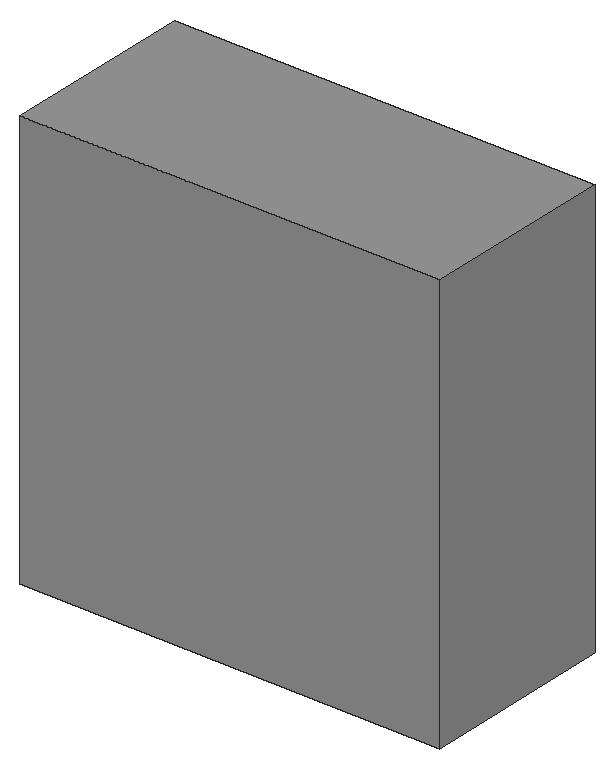
Revit family "NRG_Warntongeber_V1700", category Notrufgeräte, Revit 2017
Family settings
  Beschriftungsausrichtung beibehalten = Nein
  Bemaßung runder Anschluss = Durchmesser verwenden
  Teiletyp = Normal
  OmniClass-Nummer = 23.85.30.24
  OmniClass-Titel = Emergency Call Systems
  Arbeitsebenenbasiert = Nein
  Immer vertikal = Ja
  Beim Laden mit Abzugskörper schneiden = Ja
  Gemeinsam genutzt = Nein
  Raumberechnungspunkt = Nein
Parameters (values of type "Warntongeber")
  pbr_Material_KZ = ""
  pbr_Material = none
  pbr_E_Typ = ""
  pbr_E_KZ = ""
  pbr_DINBild = 0
  pbr_Bild = 0
  pbr_3Dx_Delta_Korrekturversatz [instance] = 0 mm
  pbr_3DX_Versatzfaktor [instance] = 0
  pbr_2DY_Versatzfaktor [instance] = 0
  pbr_2DX_Versatzfaktor [instance] = 0
  lfd_STRK [instance] = 0
  cpiFitMatchKey [instance] = "BM SFA"  # constant formula
  Winkell [instance] = 90.00°
  Winkel = 90.00°
  Warntongeber = yes
  Typ [instance] = ""
  Tiefe = 37 mm
  Text3 [instance] = ""
  Text2 [instance] = ""
  Text1 [instance] = ""
  Port2 [instance] = ""
  Port1 [instance] = ""
  Planungsbüro Rohling = "www.pbr.de"
  Patchfeld [instance] = ""
  Netzart = ""
  Menge(Dosenzahl) [instance] = 0
  Länge = Breite  # 80 mm
  Linie/Anschluss [instance] = ""
  Linie [instance] = ""
  Lastklassifizierung = none
  Installationsart [instance] = ""
  Info [instance] = ""
  Gewerk [instance] = "SR"
  Eckversatz [instance] = 0 mm
  YFrontversatz [instance] = if(pbr_2DY_Versatzfaktor = 300, 0 mm, pbr_2DY_Versatzfaktor * 300 mm)  # 0 mm
  XSeitenversatz [instance] = if(pbr_2DX_Versatzfaktor = 0, 3000 mm, 3000 mm + (pbr_2DX_Versatzfaktor * 300 mm)) + Eckversatz  # 3000 mm
  X3Dversatz [instance] = if([3DX_Versatzkontrolle] = 0, 2000 mm, 2000 mm + ([3DX_Versatzkontrolle] * (300 mm - Breite))) + pbr_3Dx_Delta_Korrekturversatz  # 2000 mm
  Niveau [instance] = 1100 mm
  Bus [instance] = ""
  Breite = 80 mm
  Betriebsstrom ruhe [instance] = 0
  Betriebsstrom max [instance] = 0
  3DX_Versatzkontrolle [instance] = if(pbr_3DX_Versatzfaktor = 0, (pbr_2DX_Versatzfaktor * -1), (((-1 * pbr_3DX_Versatzfaktor) + pbr_2DX_Versatzfaktor) * -1))  # 0
  3DX_Versatz [instance] = 0 mm
Reference planes
  plane 1 "Mitte (Vorne/Hinten)": y = 0
  plane 2: z = 0
  plane 3 "Mitte (Links/Rechts)": x = 22.5
  plane 4: x = -127.5
  plane 5: x = 172.5
  plane 6: y = 300
  plane 7 "Schalterhinten": y = 0
  plane 8: x = -2977.5
  plane 9: x = 22.5
  plane 10: x = -1977.5
  plane 11: x = -17.5
  plane 12: x = 62.5
  plane 13: z = 1140
  plane 14: z = 1060
  plane 15 "SchalterVorne": y = 37
  plane 16 "3DMitte": x = 22.5
  plane 17 "Achse": z = 1100
  plane 18: z = 1097.5
  plane 19: z = 1102.5
  plane 20 "2DMitte": y = 150
Forms (mm)
  Extrusion 1, solid, material "Stahl, Edelstahl"
    sketch origin (0, 20, 0) x (0, 0, 1) y (-1, 0, 0)
      loop
        line (1060, 17.5) -> (1060, -62.5) -> (1140, -62.5) -> (1140, 17.5) -> (1060, 17.5)
    from -17 to 20
Lines and regions (mm)
  model lines, not visible
    curve 1: line (-127.5, 0, 0) -> (172.5, 0, 0)
    curve 2: line (-127.5, 300, 0) -> (-127.5, 0, 0)
    curve 3: line (172.5, 300, 0) -> (-127.5, 300, 0)
    curve 4: line (172.5, 0, 0) -> (172.5, 300, 0)
Dimensions and locks
  locked: plane 6 to plane 7 "Schalterhinten" at 300
  "XSeitenversatz": plane 8 to plane 9
  plane 8 to plane 3 "Mitte (Links/Rechts)" = 3000 mm
  "YFrontversatz": plane 1 "Mitte (Vorne/Hinten)" to plane 7 "Schalterhinten"
  "Breite": plane 12 to plane 11
  "Länge": plane 13 to plane 14
  plane 9 to plane 10 = 2000 mm
  equal spacing: plane 12, plane 16 "3DMitte", plane 11
  "X3Dversatz": plane 16 "3DMitte" to plane 10
  equal spacing: plane 13, plane 17 "Achse", plane 14
  "Niveau": plane 17 "Achse" to level
  "Tiefe": plane 15 "SchalterVorne" to plane 1 "Mitte (Vorne/Hinten)"
  plane 13 to plane 18 = 42.5 mm
  plane 19 to plane 14 = 42.5 mm
  equal spacing: plane 4, plane 9, plane 5, locked at 150 each
  locked: plane 4 to plane 5 at 300
  equal spacing: plane 6, plane 20 "2DMitte", plane 7 "Schalterhinten", locked at 150 each
  aligned and locked: level to plane 2
  aligned and locked: curve 1 to plane 7 "Schalterhinten"
  aligned and locked: curve 2 to plane 4
  aligned and locked: plane 6 to curve 3
  aligned and locked: plane 5 to curve 4
  aligned and locked: Extrusion 1 sketch curve to plane 14
  aligned and locked: Extrusion 1 sketch curve to plane 11
  aligned and locked: Extrusion 1 sketch curve to plane 13
  aligned and locked: plane 12 to Extrusion 1 sketch curve
  aligned and locked: plane 1 "Mitte (Vorne/Hinten)" to Extrusion 1
  aligned and locked: Extrusion 1 to plane 15 "SchalterVorne"
  aligned and locked: nested 1 to plane 9
  aligned and locked: nested 1 to plane 7 "Schalterhinten"
Nested families
  nested 1: "Warntongeber" at (22.5, 0, 0), visible <- "Warntongeber", Winkel <- "Winkell", type "Warntongeber"
    with Winkel 90.00°
Connectors
  electrical at (22.5, 0, 1100)
    settings: on Extrusion 1, index 1, voltage 0 V, apparent load 0 VA, apparent load phase1 0 VA, apparent load phase2 0 VA, apparent load phase3 0 VA, power factor 1, load classification "Sonstige", number of poles 1, system type 11, power factor state 1, is connector primary yes, connector utility no, sub classification motor no, connector description ""
Definition of nested family "Warntongeber"
  Parameters (values of type "Warntongeber")
    Winkel [instance] = 90.00°
    W = yes
    T = yes
    Geräteanschluss = yes
  Reference planes
    plane 1 "Mitte (Vorne/Hinten)": y = 0
    plane 2: z = 0
    plane 3 "Mitte (Links/Rechts)": x = 0
    plane 4: x = 0
    plane 5: y = 175.911
  Lines and regions (mm)
    Filled region 1, type "Beton", in view "Referenzebene", visible <- "T"
      outline origin (-967.208, -842.32, 0) x (1, 0, 0) y (0, 1, 0)
        loop
          line (1098.534, 942.626) -> (1098.534, 1099.344) -> (1156.517, 1099.344) -> (1156.517, 1120.011) -> (1016.517, 1120.011) -> (1016.517, 1099.344) -> (1075.113, 1099.344) -> (1075.113, 942.626) -> (1098.534, 942.626)
    Filled region 2, type "Beton", in view "Referenzebene", visible <- "W"
      outline origin (-1685.583, -842.123, 0) x (1, 0, 0) y (0, 1, 0)
        loop
          line (1503.078, 1120.011) -> (1550.609, 942.626) -> (1575.609, 942.626) -> (1617.02, 1097.174) -> (1660.016, 942.626) -> (1682.628, 942.626) -> (1731.515, 1120.011) -> (1707.699, 1120.011) -> (1670.925, 967.348) -> (1631.736, 1120.011) -> (1602.624, 1120.011) -> (1561.76, 967.501) -> (1527.253, 1120.011) -> (1503.078, 1120.011)
    detail lines, in view "Referenzebene", visible <- "Geräteanschluss"
      curve 1: line (-184.356, 365, 0) -> (190.644, 365, 0)
      curve 2: line (-184.356, 0, 0) -> (-184.356, 365, 0)
      curve 3: line (190.644, 0, 0) -> (-184.356, 0, 0)
      curve 4: line (190.644, 365, 0) -> (190.644, 0, 0)
